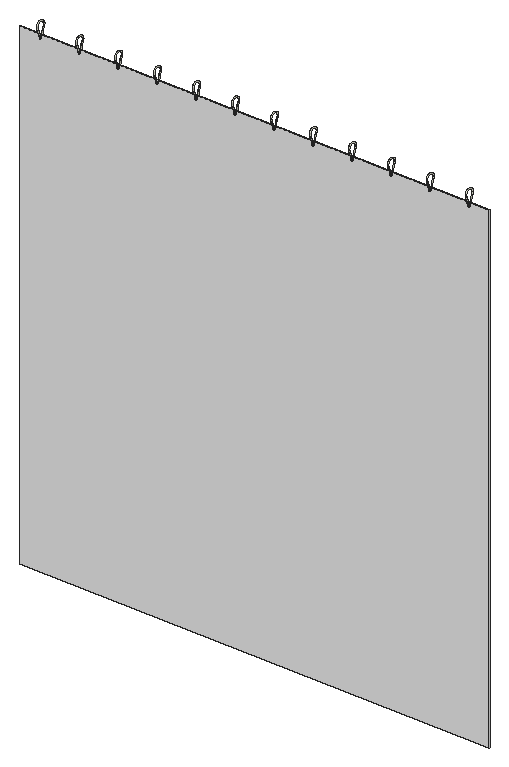
Revit family
Parameters (values of type "70 Wide")
  offset [instance] = 0' - 0"
  Warranty Duration (Years) = 0
  Unit Width = 5' - 10"
  Unit Height = 6' - 0"
  Unit Depth = 0' - 0 25/256"
  URL = "http://www.bobrick.com/Pages/default.aspx"
  Specification = ""
  SpecWizard = ""
  Send Message = "http://www.arcat.com/users.pl?action=UserEmail&company=Bobrick+Washroom+Equipment,+Inc.&coid=30988&rep=156&fax=818-503-1930&mf="
  Sales Information = "http://www.bobrick.com/Pages/ContactUs.aspx"
  Revision = "R1_10-2012"
  Product Properties = ""
  Product Data = "http://arcat.com/arcatcos/cos30/arc30988.html?isac=1&r=1"
  Model = "B-204-3"
  Manufacturer Website = "http://www.bobrick.com/Pages/default.aspx"
  Manufacturer Phone - Toll Free = ""
  Manufacturer Phone = "818-764-1000"
  Manufacturer Fax = "818-503-1930"
  Manufacturer Address = "11611 Hart St. North Hollywood, CA 91605-5882"
  Manufacturer = "Bobrick Washroom Equipment, Inc."
  Maintenance Schedule (Months) = 0
  Keynote = "102813"
  Installation-Fabrication = "http://www.bobrick.com/washroomaccessories/Pages/WashroomAccessories.aspx"
  Installation Phase = ""
  Green Building-LEED = ""
  Finish Material = Brass - Bobrick - Nickel Plated
  Expected Lifespan (Years) = 0
  Drawn By = "Sumex Design, Inc. / Robert S. Weygant, CSI, CDT, SCIP"
  Description = "Bobrick B-204-3 Vinyl Shower Curtain"
  Default Elevation = 4' - 0"
  Curtain Hook Count = 12
  Curtain = Vinyl - Bobrick - White
  Copyright = "©Arcat Inc."
  Construction Details = ""
  Assembly Code = "E1090900"
Types (2): name | Unit Width | Model | Description | Curtain Hook Count
  70 Wide | 5' - 10" | "B-204-3" | "Bobrick B-204-3 Vinyl Shower Curtain" | 12
  42 Wide | 3' - 6" | "B-204-2" | "Bobrick B-204-2 Vinyl Shower Curtain" | 7
Reference planes (in)
  plane 1 "Center (Front/Back)": y = 0
  plane 2 "Bottom": z = 0
  plane 3 "Center (Left/Right)": x = 0
  plane 4 "Left": x = -35
  plane 5 "Right": x = 35
  plane 6 "Top": z = 72
  plane 7: x = -32
  plane 8: x = 32
  plane 9: z = 71.49637
Forms (in)
  Extrusion 1, solid, material "Vinyl - Bobrick - White" <- "Curtain"
    sketch origin (0, 0, 0) x (1, 0, 0) y (0, 0, 1)
      loop
        line (-35, 72) -> (-35, 0) -> (35, 0) -> (35, 72) -> (-35, 72)
    from -0.01562 to 0.01562
  Sweep 2, solid, material "Brass - Bobrick - Nickel Plated" <- "Finish Material", not visible
    path origin (-18, 0, 0) x (0, 1, 0) y (0, 0, -1)
      loop
        arc (0.10376, -71.55971) -> (0, -71.5) -> (-0.10376, -71.55971) r 0.12001
        line (-0.10376, -71.55971) -> (-0.59906, -72.8368)
        arc (-0.59906, -72.8368) -> (0, -73.71168) -> (0.59906, -72.8368) r 0.64254
        line (0.59906, -72.8368) -> (0.10376, -71.55971)
    profile origin (-18, 0.35141, 72.19825) x (0, 0.932335, -0.361595) y (-1, 0, 0)
      loop
        circle (0, 0) r 0.04688
  Extrusion 3, solid, material "Brass - Bobrick - Nickel Plated" <- "Finish Material", not visible
    sketch origin (0, 0, 0) x (1, 0, 0) y (0, 0, 1)
      loop
        circle (-18.00054, 71.49637) r 0.13725
      loop
        circle (-18.00054, 71.49637) r 0.07127
    from -0.04846 to 0.04927
Dimensions and locks (in)
  "Unit Height": plane 6 "Top" to level
  equal spacing: plane 5 "Right", plane 3 "Center (Left/Right)", plane 4 "Left"
  "Unit Width": plane 5 "Right" to plane 4 "Left"
  locked: plane 7 to plane 4 "Left" at 3
  locked: plane 5 "Right" to plane 8 at 3
  locked: plane 6 "Top" to plane 9 at 0.50363
  equal spacing: group 2, group 4, group 5, group 6, group 7, group 8, group 9, group 10, group 11, group 12, group 13, group 3  (x3)
  aligned and locked: nested 1 to plane 7
  aligned and locked: plane 9 to nested 1
  aligned and locked: plane 8 to nested 2
  aligned and locked: nested 2 to plane 9
Automatic sketch dimensions
  Extrusion 1 sketch curve to plane 4 "Left" = 0' - 0"
  Extrusion 1 sketch curve to level = 0' - 0"
  Extrusion 1 sketch curve to plane 5 "Right" = 0' - 0"
  Extrusion 1 sketch curve to plane 6 "Top" = 0' - 0"
  Sweep 2 sketch curve to Sweep 2 sketch curve = 0' - 0.23234"
  Sweep 2 sketch curve to Sweep 2 sketch curve = 0' - 0.0603"
  Sweep 2 sketch curve to profile plane = 0' - 0"  (x2)
  Extrusion 3 sketch curve to Extrusion 3 sketch curve = 0' - 0"  (x4)
  Sweep 2 sketch curve to Sweep 2 sketch curve = 0' - 0.4953"
  Sweep 2 sketch curve to Sweep 2 sketch curve = 0' - 0.10376"  (x2)
  Sweep 2 sketch curve to Sweep 2 sketch curve = 0' - 0.59906"  (x2)
  Sweep 2 sketch curve to Sweep 2 sketch curve = 0' - 1.21679"
  radius of Sweep 2 sketch curve = 0' - 0 3/64"
  radius of Extrusion 3 sketch curve = 0' - 0.13725"
  radius of Extrusion 3 sketch curve = 0' - 0.07127"
Nested families (in)
  nested 1: "CurtainHook" at (-32, -0.63373, 71.49637), type "CurtainHook"
  nested 2: "CurtainHook" at (32, -0.63373, 71.49637), type "CurtainHook"
  nested 3: "CurtainHook" at (-26.18182, -0.63373, 71.49637), type "CurtainHook"
  nested 4: "CurtainHook" at (-20.36364, -0.63373, 71.49637), type "CurtainHook"
  nested 5: "CurtainHook" at (-14.54545, -0.63373, 71.49637), type "CurtainHook"
  nested 6: "CurtainHook" at (-8.72727, -0.63373, 71.49637), type "CurtainHook"
  nested 7: "CurtainHook" at (-2.90909, -0.63373, 71.49637), type "CurtainHook"
  nested 8: "CurtainHook" at (2.90909, -0.63373, 71.49637), type "CurtainHook"
  nested 9: "CurtainHook" at (8.72727, -0.63373, 71.49637), type "CurtainHook"
  nested 10: "CurtainHook" at (14.54545, -0.63373, 71.49637), type "CurtainHook"
  nested 11: "CurtainHook" at (20.36364, -0.63373, 71.49637), type "CurtainHook"
  nested 12: "CurtainHook" at (26.18182, -0.63373, 71.49637), type "CurtainHook"
Definition of nested family "CurtainHook"
  Parameters
    Finish Material = none
  Reference planes (in)
    plane 1 "Center (Front/Back)": y = 0
    plane 2: z = 0
    plane 3 "Center (Left/Right)": x = 0
  Forms (in)
    Sweep 1, solid, material "Brass - Bobrick - Nickel Plated" <- "Finish Material"
      path origin (0.00054, 0.64277, -71.49637) x (0, 1, 0) y (0, 0, -1)
        loop
          arc (0.10376, -71.55971) -> (0, -71.5) -> (-0.10376, -71.55971) r 0.12001
          line (-0.10376, -71.55971) -> (-0.59906, -72.8368)
          arc (-0.59906, -72.8368) -> (0, -73.71168) -> (0.59906, -72.8368) r 0.64254
          line (0.59906, -72.8368) -> (0.10376, -71.55971)
      profile origin (0.00054, 0.99418, 0.70189) x (0, 0.932335, -0.361595) y (-1, 0, 0)
        loop
          circle (0, 0) r 0.04688
    Extrusion 2, solid, material "Brass - Bobrick - Nickel Plated" <- "Finish Material"
      sketch origin (18.00054, 0.64277, -71.49637) x (1, 0, 0) y (0, 0, 1)
        loop
          circle (-18.00054, 71.49637) r 0.13725
        loop
          circle (-18.00054, 71.49637) r 0.07127
      from -0.04846 to 0.04927
